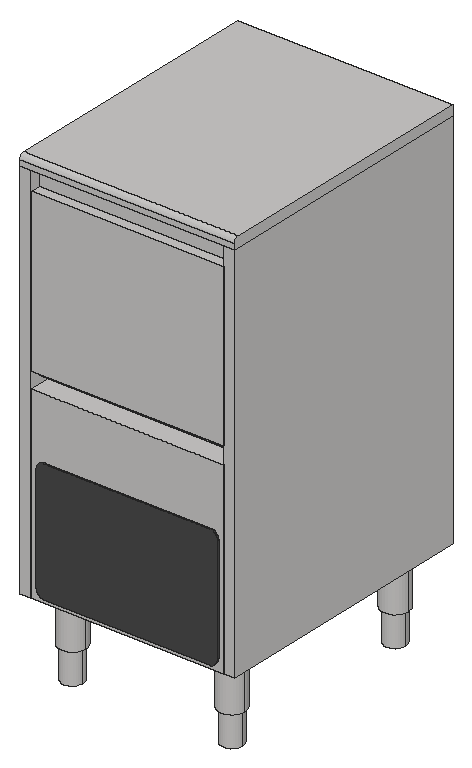
Revit family "QF_ZANUSSI_730319_ICB32I15SDP", category Attrezzature speciali, Revit 2018
Family settings
  Quota connettore circolare = Usa diametro
  Tipo di parte = Normale
  Basato su piano di lavoro = No
  Sempre verticale = Sì
  Taglio con vuoti quando caricato = No
  Condiviso = No
  Punto di calcolo locali = No
Parameters (values of type "Standard")
  Weight = 40.00 kg
  Watts = 1000 W
  Volts = 220 V
  URL Manufacturer = "http://www.zanussiprofessional.com"
  URL = "http://www.zanussiprofessional.com"
  Steam Supply Size = 0 mm
  Steam Supply Minimum Pressure = 0.0 Pa
  Steam Supply Maximum Pressure = 0.0 Pa
  Steam Pounds per Hour = 0
  Show Logo [instance] = yes
  Show Clearance [instance] = yes
  Refrigeration Suction Line Size = 0 mm
  Refrigeration Liquid Line Size = 0 mm
  Refrigerant Compressor Remote = yes
  Produttore = "Zanussi"
  Phase = 1
  Modello = "ICB32I15SDP"
  Length Actual = 405 mm  # constant formula
  Item Number = "730319"
  Hot Water Size = 0 mm
  Height Actual = 849 mm  # constant formula
  HP = "1.3 HP"
  Gas Size = 0 mm
  Gas KW = 0
  Gas Input Pressure = 0 W
  Descrizione = "AIR COOLED ICE CUBER 22GR 32KG/24H-BIN 15KG DRAIN PUMP"
  Depth Actual = 515 mm  # constant formula
  Cycle = 50 Hz
  Condensate Return Size = 0 mm
  Compressed Air Volume = 0.0 L/s
  Compressed Air Size = 0 mm
  Compressed Air Pressure = 0.0 Pa
  Cold Water Size = 19.05 mm
  Accessory = yes
Reference planes
  plane 1 "Center X": y = 272.851
  plane 2: z = 0
  plane 3 "Center Y": x = -501.5
  plane 4 "LEFT": x = -704
  plane 5 "RIGHT": x = -299
  plane 6 "FRONT": y = 15.351
  plane 7 "BACK": y = 530.351
  plane 8: z = 152
  plane 9: z = 896
  plane 10: z = 876
  plane 11: x = -684
  plane 12: x = -319
  plane 13: y = 55.351
Forms (mm)
  Extrusion 1, solid, material "QF_Finishes_Black"
    sketch origin (-217.296, 15.251, 371.513) x (-1, 0, 0) y (0, 0, -1)
      loop
        arc (439.204, -18.487) -> (449.811, -14.093) -> (454.204, -3.487) r 15
        line (454.204, -3.487) -> (454.204, 197.469)
        arc (454.204, 197.469) -> (449.811, 208.075) -> (439.204, 212.469) r 15
        line (439.204, 212.469) -> (126.938, 212.469)
        arc (126.938, 212.469) -> (116.331, 208.075) -> (111.938, 197.469) r 15
        line (111.938, 197.469) -> (111.938, -3.487)
        arc (111.938, -3.487) -> (116.331, -14.093) -> (126.938, -18.487) r 15
        line (126.938, -18.487) -> (439.204, -18.487)
    from 0 to 2
  Extrusion 2, solid, material "QF_Finishes_Stainless Steel"
    sketch origin (-501.5, 0, 0) x (0, 1, 0) y (0, 0, 1)
      loop
        line (530.351, 876) -> (530.351, 896) -> (25.351, 896)
        arc (25.351, 896) -> (18.28, 893.071) -> (15.351, 886) r 10
        line (15.351, 886) -> (15.351, 876) -> (530.351, 876)
    from -202.5 to 202.5
  Extrusion 3, solid, material "QF_Finishes_Stainless Steel"
    sketch origin (-268.7, 530.351, -324.545) x (1, 0, 0) y (0, 0, -1)
      loop
        circle (-76.8, -652.545) r 10
    from 0 to 10
  Extrusion 4, solid, material "QF_Finishes_Stainless Steel"
    sketch origin (0, 0, 0) x (1, 0, 0) y (0, 1, 0)
      loop
        line (-704, 530.351) -> (-704, 15.351) -> (-684, 15.351) -> (-684, 530.351) -> (-704, 530.351)
    from 152 to 876
  Extrusion 5, solid, material "QF_Finishes_Stainless Steel"
    sketch origin (0, 0, 0) x (1, 0, 0) y (0, 1, 0)
      loop
        line (-319, 530.351) -> (-319, 15.351) -> (-299, 15.351) -> (-299, 530.351) -> (-319, 530.351)
    from 152 to 876
  Extrusion 6, solid, material "QF_Finishes_Stainless Steel"
    sketch origin (0, 0, 0) x (1, 0, 0) y (0, 1, 0)
      loop
        line (-684, 530.351) -> (-684, 55.351) -> (-319, 55.351) -> (-319, 530.351) -> (-684, 530.351)
    from 152 to 876
  Extrusion 7, solid, material "QF_Finishes_Stainless Steel"
    sketch origin (0, 0, 0) x (1, 0, 0) y (0, 1, 0)
      loop
        line (-684, 15.351) -> (-319, 15.351) -> (-319, 55.351) -> (-684, 55.351) -> (-684, 15.351)
    from 152 to 506.229
  Extrusion 8, solid, material "QF_Finishes_Stainless Steel"
    sketch origin (-501.5, 0, 0) x (0, 1, 0) y (0, 0, 1)
      loop
        line (55.351, 876) -> (35.351, 876) -> (35.351, 840) -> (15.351, 840) -> (15.351, 536.768) -> (35.351, 536.768) -> (35.351, 521) -> (55.351, 521) -> (55.351, 876)
    from -182.5 to 182.5
  Extrusion 9, solid, material "QF_Finishes_Stainless Steel"
    sketch origin (-263.2, 530.351, -450.545) x (1, 0, 0) y (0, 0, -1)
      loop
        circle (-76.8, -652.545) r 10
    from 0 to 10
  Extrusion 10, solid, material "QF_Finishes_Stainless Steel"
    sketch origin (-288.7, 530.351, -377.545) x (1, 0, 0) y (0, 0, -1)
      loop
        circle (-76.8, -652.545) r 10
    from 0 to 10
Lines and regions (mm)
  Split face 1
    outline origin (-501.5, 35.351, 876) x (0, 0, -1) y (1, 0, 0)
      loop
        line (5.715, 59.928) -> (30.715, 59.928) -> (30.715, 99.928) -> (5.715, 99.928) -> (5.715, 59.928)
  symbolic lines
    curve 1: line (-704, 530.351, 0) -> (-299, 530.351, 0)
    curve 2: line (-704, 15.351, 0) -> (-704, 530.351, 0)
    curve 3: line (-299, 15.351, 0) -> (-704, 15.351, 0)
    curve 4: line (-299, 530.351, 0) -> (-299, 15.351, 0)
Dimensions and locks
  equal spacing: plane 4 "LEFT", plane 3 "Center Y", plane 5 "RIGHT"
  plane 4 "LEFT" to plane 5 "RIGHT" = 405 mm
  equal spacing: plane 7 "BACK", plane 1 "Center X", plane 6 "FRONT"
  plane 7 "BACK" to plane 6 "FRONT" = 515 mm
  plane 8 to plane 2 = 152 mm
  plane 9 to plane 8 = 744 mm
  locked: plane 4 "LEFT" to plane 11 at 20
  locked: plane 12 to plane 5 "RIGHT" at 20
  locked: plane 9 to plane 10 at 20
  locked: plane 13 to plane 6 "FRONT" at 40
  aligned and locked: level to plane 2
  aligned and locked: plane 5 "RIGHT" to Extrusion 2
  aligned and locked: Extrusion 2 to plane 4 "LEFT"
  aligned and locked: Extrusion 4 sketch curve to Extrusion 2  (x2)
  aligned and locked: plane 6 "FRONT" to Extrusion 4 sketch curve
  aligned and locked: Extrusion 4 sketch curve to plane 11
  aligned and locked: Extrusion 5 sketch curve to plane 7 "BACK"
  aligned and locked: plane 12 to Extrusion 5 sketch curve
  aligned and locked: Extrusion 5 sketch curve to Extrusion 2  (x2)
  aligned and locked: plane 10 to Extrusion 4
  aligned and locked: plane 10 to Extrusion 5
  aligned and locked: Extrusion 4 to plane 8
  aligned and locked: Extrusion 5 to plane 8
  aligned and locked: Extrusion 6 sketch curve to Extrusion 4
  aligned and locked: Extrusion 4 to Extrusion 6 sketch curve
  aligned and locked: plane 13 to Extrusion 6 sketch curve
  aligned and locked: Extrusion 6 sketch curve to plane 12
  aligned and locked: plane 10 to Extrusion 6
  aligned and locked: Extrusion 6 to plane 8
  aligned and locked: Extrusion 4 to Extrusion 7 sketch curve
  aligned and locked: Extrusion 7 sketch curve to Extrusion 4
  aligned and locked: plane 13 to Extrusion 7 sketch curve
  aligned and locked: plane 12 to Extrusion 7 sketch curve
  aligned and locked: Extrusion 7 to plane 8
  aligned and locked: plane 12 to Extrusion 8
  aligned and locked: Extrusion 8 to plane 11
Automatic sketch dimensions
  curve 3 to plane 4 "LEFT" = 0 mm
  curve 3 to plane 5 "RIGHT" = 0 mm
  curve 3 to plane 6 "FRONT" = 0 mm
  curve 2 to plane 7 "BACK" = 0 mm
  Extrusion 1 sketch curve to plane 12 = 10.234 mm
  plane 8 to Extrusion 1 sketch curve = 7.044 mm
  Extrusion 1 sketch curve to Extrusion 1 sketch curve = 15 mm  (x3)
  plane 11 to Extrusion 1 sketch curve = 27.5 mm  (x2)
  Extrusion 1 sketch curve to Extrusion 1 sketch curve = 200.956 mm
  Extrusion 2 sketch curve to plane 6 "FRONT" = 0 mm
  Extrusion 2 sketch curve to plane 9 = 0 mm
  Extrusion 2 sketch curve to plane 7 "BACK" = 0 mm
  Extrusion 2 sketch curve to plane 10 = 0 mm
  plane 6 "FRONT" to Extrusion 2 sketch curve = 10 mm
  Extrusion 6 to Extrusion 3 sketch curve = 176 mm
  Extrusion 3 sketch curve to Extrusion 6 = 26.5 mm
  Extrusion 8 sketch curve to plane 6 "FRONT" = 0 mm
  Extrusion 8 sketch curve to plane 10 = 0 mm
  Extrusion 8 sketch curve to plane 13 = 0 mm
  plane 6 "FRONT" to Extrusion 8 sketch curve = 20 mm  (x2)
  Extrusion 8 sketch curve to plane 10 = 36 mm
  Extrusion 8 sketch curve to Extrusion 8 sketch curve = 303.232 mm
  Extrusion 8 sketch curve to Extrusion 8 sketch curve = 15.768 mm
  Split face 1 sketch curve to Extrusion 8 = 5.715 mm
  Extrusion 8 to Split face 1 sketch curve = 5.285 mm
  Split face 1 sketch curve to Extrusion 8 = 122.572 mm
  Split face 1 sketch curve to Split face 1 sketch curve = 40 mm
  Extrusion 9 sketch curve to Extrusion 6 = 21 mm
  Extrusion 6 to Extrusion 9 sketch curve = 50 mm
  Extrusion 10 sketch curve to Extrusion 6 = 46.5 mm
  Extrusion 6 to Extrusion 10 sketch curve = 123 mm
  radius of Extrusion 3 sketch curve = 10 mm
  radius of Extrusion 9 sketch curve = 10 mm
  radius of Extrusion 10 sketch curve = 10 mm
Nested families
  nested 1: "Foot_Complete" at (-652, 74.251, 0), type "Foot_Complete"
    with H 152 mm
  nested 2: "Foot_Complete" at (-351, 74.251, 0) x (-1, 0, 0) z (0, 0, 1), type "Foot_Complete"
    with H 152 mm
  nested 3: "Foot_Complete" at (-652, 459.451, 0), type "Foot_Complete"
    with H 152 mm
  nested 4: "Foot_Complete" at (-351, 459.451, 0) x (-1, 0, 0) z (0, 0, 1), type "Foot_Complete"
    with H 152 mm
Connectors
  electrical at (-340, 540.351, 202), driven by "Volts"
    settings: on Extrusion 9, index 1, voltage 220 V, apparent load 0 VA, apparent load phase1 0 VA, apparent load phase2 0 VA, apparent load phase3 0 VA, power factor 1, load classification "Altro", number of poles 1, system type 30, power factor state 1, is connector primary yes, connector utility no, sub classification motor no, connector description "Electrical Connection"
  piping at (-345.5, 540.351, 328), diameter 20
    settings: on Extrusion 3, index 2, connector inside diameter 609.6 mm, connector length 0 mm, flow factor 0, pipe flow 0.0 L/s, pressure drop 0.0 Pa, fitting loss kfactor 0, connector angle 0.00°, fixture units 0, engagement length 0 mm, angle of deflection 0.00°, flow configuration 0, flow direction 0, fitting loss method 0, system type 20, joint type 0, gender type 0, connector reference index -1, connector utility 0, adjustable connector no, is connector primary yes, connector description "Cold water"
  piping at (-365.5, 540.351, 275), diameter 20
    settings: on Extrusion 10, index 3, connector inside diameter 609.6 mm, connector length 0 mm, flow factor 0, pipe flow 0.0 L/s, pressure drop 0.0 Pa, fitting loss kfactor 0, connector angle 0.00°, fixture units 0, engagement length 0 mm, angle of deflection 0.00°, flow configuration 0, flow direction 0, fitting loss method 0, system type 16, joint type 0, gender type 0, connector reference index -1, connector utility 0, adjustable connector no, is connector primary no, connector description "Drain"
Definition of nested family "Foot_Complete"
  Parameters (values of type "Foot_Complete")
    R = 25 mm
    H = 153 mm
  Reference planes
    plane 1 "Centro (Fronte/Retro)": y = 0
    plane 2: z = 0
    plane 3 "Centro (Sinistra/Destra)": x = 0
    plane 4: z = 153
  Forms (mm)
    Revolve 1, solid
      sketch origin (255.05, 0, 608.09) x (0, 0, 1) y (-1, 0, 0)
        loop
          line (-608.09, 255.05) -> (-608.09, 235.05) -> (-548.09, 235.05) -> (-548.09, 230.05) -> (-455.09, 230.05) -> (-455.09, 255.05) -> (-608.09, 255.05)
        axis (-608.09, 255.05) -> (-455.09, 255.05)
      angle from 0 to 360
  Dimensions and locks
    level to Revolve 1 sketch curve = 60 mm
    "R": Revolve 1 sketch curve to plane 3 "Centro (Sinistra/Destra)"
    "H": plane 4 to level
    aligned and locked: level to plane 2
    aligned and locked: plane 4 to Revolve 1 sketch curve
    aligned and locked: Revolve 1 sketch curve to level
    aligned and locked: plane 3 "Centro (Sinistra/Destra)" to Revolve 1 sketch curve
  Automatic sketch dimensions
    Revolve 1 sketch curve to plane 3 "Centro (Sinistra/Destra)" = 0 mm
    plane 3 "Centro (Sinistra/Destra)" to Revolve 1 sketch curve = 20 mm
    Revolve 1 sketch curve to Revolve 1 sketch curve = 50 mm
    Revolve 1 sketch curve to Revolve 1 sketch curve = 20 mm
